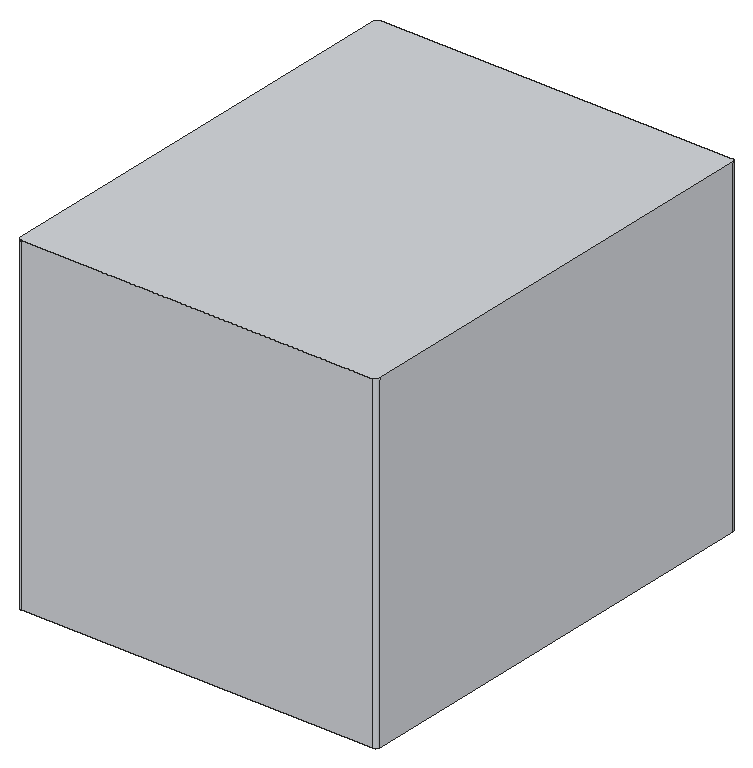
Revit family "Domotics-SerieCivili-GEWISS-27COMBI_SYSTEM-IP40_AVVISATORI_ACUSTICI", category Modelli generici, host Superficie, Revit 2016
Family settings
  Host = Superficie
  Tipo di parte = Normale
  Può ospitare armatura = No
  Quota connettore circolare = Usa diametro
  Taglio con vuoti quando caricato = No
  Condiviso = No
  Punto di calcolo locali = No
Parameters (values of type "GW26427 - Avvisatore acustico 230V")
  Versione file RFA = "18.0"
  URL = "https://www.gewiss.com/it/it"
  Termopressione con biglia = "70 °C"
  Tensione nominale = "230 V ac"
  Temperatura di installazione = "-25 +60 °C"
  Scheda Tecnica = "https://www.gewiss.com/it/it/search?q=GW26427"
  Produttore = "GEWISS S.p.A."
  Norma di riferimento = "EN 62080"
  Modello = "GW26427"
  IntensitÃ  sonora = "70 dB (a 1 m)"
  Immagine tipo = GW26427.jpg
  Default Elevation = 1219.2 mm
  Profonfità = 590 mm
  Larghezza = 640 mm
  IDT = "42373ce3-cb7a-4058-9c9c-5d702b03e44c"
  IDF = "77528440-4c1c-495d-97b7-0c6b5e1fb9ad"
  Grado di protezione = "IP40"
  Glow Wire Test = "650°C"
  Frequenza impulsi sonori = "1HZ"
  Dim. esterne BxHxP (mm) = "64x80x59"
  Descrizione = "AVVISATORE ACUSTICO 230V"
  Creato da GEWISS S.p.A. = ""
  Colore = "Grigio RAL 7035"
  Codice Electrocod = "0132                "
  Codice EAN = "8011564033238"
  Classe isolamento = "II"
  Catalogo Serie = "27COMBI"
  Catalogo = "DOMOTICS"
  COBie.Tagnumber = ""
  COBie.CreatedOn = ""
  COBie.CreatebBy = ""
  COBie.ComponentRegisterItemID = ""
  COBie.Component.TagNumber = ""
  COBie.Component.Space = ""
  COBie.Component.SerialNumber = ""
  COBie.Component.InstallationDate = ""
  COBie.Component.Description = ""
  COBie.Component.BarCode = ""
  Altezza = 800 mm
Types (3, lengths in mm): name | URL | Termopressione con biglia | Tensione nominale | Scheda Tecnica | Produttore | Modello | Immagine tipo | Profonfità | Larghezza | IDT | Descrizione | Codice EAN | Altezza
  (no name) | 0 | "" | "" | "" | 0 | 0 | GW26417.jpg | 59 | 95 | "" | 0 | "" | 80
  GW26417 - Avvisatore acustico 24V | "https://www.gewiss.com/it/it" | "24 V ac" | "24 V ac" | "https://www.gewiss.com/it/it/search?q=GW26417" | "GEWISS S.p.A." | "GW26417" | GW26417.jpg | 59 | 95 | "39784a8e-1408-4946-9d09-dce07dbb2a35" | "AVVISATORE ACUSTICO 24V" | "8011564033207" | 80
  GW26427 - Avvisatore acustico 230V | "https://www.gewiss.com/it/it" | "70 °C" | "230 V ac" | "https://www.gewiss.com/it/it/search?q=GW26427" | "GEWISS S.p.A." | "GW26427" | GW26427.jpg | 590 | 640 | "42373ce3-cb7a-4058-9c9c-5d702b03e44c" | "AVVISATORE ACUSTICO 230V" | "8011564033238" | 800
Values of the unnamed type that differ from the named types
  Versione file RFA = ""
  Temperatura di installazione = ""
  Norma di riferimento = ""
  IntensitÃ  sonora = ""
  IDF = ""
  Grado di protezione = ""
  Glow Wire Test = ""
  Frequenza impulsi sonori = ""
  Dim. esterne BxHxP (mm) = ""
  Colore = ""
  Codice Electrocod = ""
  Classe isolamento = ""
  Catalogo Serie = ""
  Catalogo = ""
Reference planes
  plane 1 "Centro (Fronte/Retro)": y = 0
  plane 2: z = 0
  plane 3 "Centro (Sinistra/Destra)": x = 0
  plane 4: z = 590
  plane 5: y = 400
  plane 6: y = -400
  plane 7: x = -320
  plane 8: x = 320
Forms (mm)
  Extrusion 1, solid, not visible
    sketch origin (0, 0, 0) x (1, 0, 0) y (0, 0, 1)
      loop
        circle (0, 189.613) r 120
    from -520 to -400
  Extrusion 2, solid, not visible
    sketch origin (0, 27.076, 0) x (1, 0, 0) y (0, 0, 1)
      loop
        circle (0, 189.613) r 90
    from -532.076 to -492.924
  Extrusion 3, solid, not visible
    sketch origin (0, 67.076, 0) x (1, 0, 0) y (0, 0, 1)
      loop
        circle (0, 189.613) r 60
    from -532.076 to -492.076
  Extrusion 4, solid, not visible
    sketch origin (0, 107.076, 0) x (1, 0, 0) y (0, 0, 1)
      loop
        circle (0, 189.613) r 30
    from -532.076 to -492.076
  Extrusion 5, solid
    sketch origin (0, 0, 0) x (1, 0, 0) y (0, 1, 0)
      loop
        arc (-313, 400) -> (-317.95, 397.95) -> (-320, 393) r 7
        line (-320, 393) -> (-320, -393)
        arc (-320, -393) -> (-317.95, -397.95) -> (-313, -400) r 7
        line (-313, -400) -> (313, -400)
        arc (313, -400) -> (317.95, -397.95) -> (320, -393) r 7
        line (320, -393) -> (320, 393)
        arc (320, 393) -> (317.95, 397.95) -> (313, 400) r 7
        line (313, 400) -> (-313, 400)
    from 0 to 590
Lines and regions (mm)
  model lines, detail levels fine
    curve 1: circle (-313.849, -394.857, 590) r 2 normal (0, 0, 1)
    curve 2: circle (-313.849, 394.857, 590) r 2 normal (0, 0, -1)
    curve 3: circle (313.849, -394.857, 590) r 2 normal (0, 0, -1)
    curve 4: circle (313.849, 394.857, 590) r 2 normal (0, 0, 1)
    curve 5: line (-320, 1.5, 590) -> (320, 1.5, 590)
    curve 6: line (-320, -1.5, 590) -> (320, -1.5, 590)
    curve 7: line (-320, 4.5, 590) -> (320, 4.5, 590)
    curve 8: line (-320, 7.5, 590) -> (320, 7.5, 590)
    curve 9: line (-320, 10.5, 590) -> (320, 10.5, 590)
    curve 10: line (-320, 13.5, 590) -> (320, 13.5, 590)
    curve 11: line (-320, 16.5, 590) -> (320, 16.5, 590)
    curve 12: line (-320, 19.5, 590) -> (320, 19.5, 590)
    curve 13: line (-320, -4.5, 590) -> (320, -4.5, 590)
    curve 14: line (-320, -7.5, 590) -> (320, -7.5, 590)
    curve 15: line (-320, -10.5, 590) -> (320, -10.5, 590)
    curve 16: line (-320, -13.5, 590) -> (320, -13.5, 590)
    curve 17: line (-320, -16.5, 590) -> (320, -16.5, 590)
    curve 18: line (-320, -19.5, 590) -> (320, -19.5, 590)
  model lines, not visible, detail levels fine
    curve 19: line (-32, 1.5, 59) -> (32, 1.5, 59)
    curve 20: line (-32, -1.5, 59) -> (32, -1.5, 59)
    curve 21: line (-32, 4.5, 59) -> (32, 4.5, 59)
    curve 22: line (-32, 7.5, 59) -> (32, 7.5, 59)
    curve 23: line (-32, 10.5, 59) -> (32, 10.5, 59)
    curve 24: line (-32, 13.5, 59) -> (32, 13.5, 59)
    curve 25: line (-32, 16.5, 59) -> (32, 16.5, 59)
    curve 26: line (-32, 19.5, 59) -> (32, 19.5, 59)
    curve 27: line (-32, -4.5, 59) -> (32, -4.5, 59)
    curve 28: line (-32, -7.5, 59) -> (32, -7.5, 59)
    curve 29: line (-32, -10.5, 59) -> (32, -10.5, 59)
    curve 30: line (-32, -13.5, 59) -> (32, -13.5, 59)
    curve 31: line (-32, -16.5, 59) -> (32, -16.5, 59)
    curve 32: line (-32, -19.5, 59) -> (32, -19.5, 59)
Dimensions and locks
  "Profonfità": plane 4 to host face
  "Larghezza": plane 7 to plane 8
  equal spacing: plane 5, plane 1 "Centro (Fronte/Retro)", plane 6
  "Altezza": plane 5 to plane 6
  equal spacing: plane 7, plane 3 "Centro (Sinistra/Destra)", plane 8
  equal spacing: curve 18, plane 1 "Centro (Fronte/Retro)", curve 12
  aligned and locked: plane 2 to host face
  aligned and locked: level to host face
  aligned and locked: Extrusion 5 sketch curve to plane 5
  aligned and locked: Extrusion 5 sketch curve to plane 7
  aligned and locked: plane 6 to Extrusion 5 sketch curve
  aligned and locked: plane 8 to Extrusion 5 sketch curve
  aligned and locked: plane 8 to curve 5
  aligned and locked: plane 4 to Extrusion 5
  aligned and locked: nested 1 to plane 3 "Centro (Sinistra/Destra)"
  aligned and locked: plane 7 to curve 12
  aligned and locked: plane 7 to curve 11
  aligned and locked: plane 7 to curve 10
  aligned and locked: plane 7 to curve 9
  aligned and locked: plane 7 to curve 8
  aligned and locked: plane 7 to curve 7
  aligned and locked: plane 7 to curve 5
  aligned and locked: plane 7 to curve 13
  aligned and locked: plane 7 to curve 6
  aligned and locked: plane 7 to curve 14
  aligned and locked: plane 7 to curve 15
  aligned and locked: plane 7 to curve 16
  aligned and locked: plane 7 to curve 18
  aligned and locked: plane 7 to curve 17
Automatic sketch dimensions
  host sketch curve to host sketch curve = 2438.4 mm  (x2)
  Extrusion 5 sketch curve to plane 7 = 7 mm
  Extrusion 5 sketch curve to Extrusion 5 sketch curve = 7 mm
  plane 8 to Extrusion 5 sketch curve = 7 mm  (x2)
  curve 2 to Extrusion 5 = 6.151 mm
  curve 1 to Extrusion 5 = 6.151 mm
  curve 3 to Extrusion 5 = 6.151 mm
  curve 4 to Extrusion 5 = 6.151 mm
  curve 3 to Extrusion 5 = 5.143 mm
  curve 1 to Extrusion 5 = 5.143 mm
  curve 2 to Extrusion 5 = 5.143 mm
  curve 4 to Extrusion 5 = 5.143 mm
  curve 9 to Extrusion 5 = 0 mm
  curve 12 to Extrusion 5 = 0 mm
  curve 8 to Extrusion 5 = 0 mm
  curve 13 to Extrusion 5 = 0 mm
  curve 11 to Extrusion 5 = 0 mm
  curve 14 to Extrusion 5 = 0 mm
  curve 6 to Extrusion 5 = 0 mm
  curve 15 to Extrusion 5 = 0 mm
  curve 5 to Extrusion 5 = 0 mm
  curve 16 to Extrusion 5 = 0 mm
  curve 7 to Extrusion 5 = 0 mm
  curve 17 to Extrusion 5 = 0 mm
  curve 10 to Extrusion 5 = 0 mm
  curve 18 to Extrusion 5 = 0 mm
  curve 18 to Extrusion 5 = 380.5 mm
  curve 18 to curve 17 = 3 mm
  curve 17 to curve 16 = 3 mm
  curve 16 to curve 15 = 3 mm
  curve 15 to curve 14 = 3 mm
  curve 14 to curve 13 = 3 mm
  curve 13 to curve 6 = 3 mm
  curve 6 to curve 5 = 3 mm
  curve 5 to curve 7 = 3 mm
  curve 7 to curve 8 = 3 mm
  curve 8 to curve 9 = 3 mm
  curve 9 to curve 10 = 3 mm
  curve 10 to curve 11 = 3 mm
  curve 11 to curve 12 = 3 mm
  radius of Extrusion 1 sketch curve = 120 mm
  radius of Extrusion 2 sketch curve = 90 mm
  radius of Extrusion 3 sketch curve = 60 mm
  radius of Extrusion 4 sketch curve = 30 mm
  radius of curve 1 = 2 mm
  radius of curve 2 = 2 mm
  radius of curve 3 = 2 mm
  radius of curve 4 = 2 mm
Nested families
  nested 1: "Famiglia2" at (0, 400, 27.634) x (-1, 0, 0) z (0, 1, 0), type "Famiglia2", detail levels medium+fine
Definition of nested family "Famiglia2"
  Parameters (values of type "Famiglia2")
    Default Elevation = 1219.2 mm
  Reference planes
    plane 1 "Centro (Fronte/Retro)": y = 0
    plane 2: z = 0
    plane 3 "Centro (Sinistra/Destra)": x = 0
  Forms (mm)
    Extrusion 1, solid
      sketch origin (0, 0, 0) x (1, 0, 0) y (0, 1, 0)
        loop
          line (-1219.2, 1219.2) -> (-1219.2, -1219.2) -> (1219.2, -1219.2) -> (1219.2, 1219.2) -> (-1219.2, 1219.2)
      from 0 to -304.8
    Extrusion 2, solid
      sketch origin (0, 0, 0) x (1, 0, 0) y (0, 1, 0)
        loop
          circle (0, 0) r 12
      from 0 to 3
    Extrusion 3, solid
      sketch origin (0, 0, 30) x (1, 0, 0) y (0, 1, 0)
        loop
          circle (0, 0) r 9
      from -27 to -24
    Extrusion 4, solid
      sketch origin (0, 0, 60) x (1, 0, 0) y (0, 1, 0)
        loop
          circle (0, 0) r 6
      from -54 to -51
    Extrusion 5, solid
      sketch origin (0, 0, 90) x (1, 0, 0) y (0, 1, 0)
        loop
          circle (0, 0) r 3
      from -81 to -78
  Dimensions and locks
    aligned and locked: plane 2 to Extrusion 1
    aligned and locked: level to Extrusion 1
